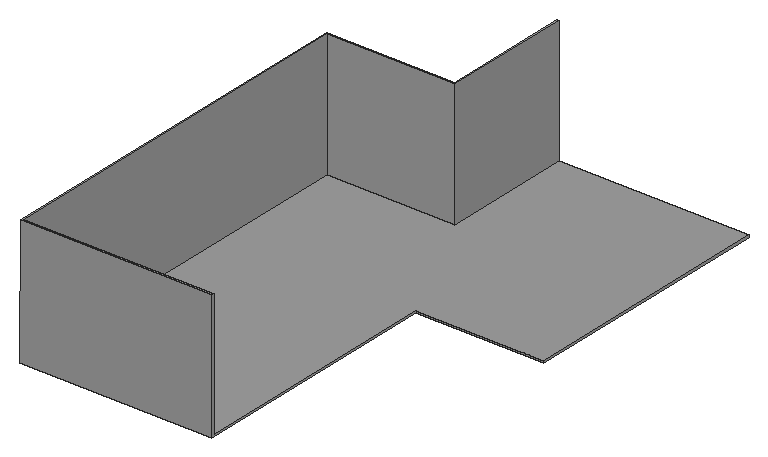
Revit family "Flashing_Preformed_Hyload_6x12Window", category Generic Models, Revit 2015
Parameters (values of type "As Specified")
  Unit Width = 1' - 0"
  Unit Height = 0' - 4"
  Unit Depth = 0' - 6"
  URL = "http://www.hyload.com/"
  Thickness = 0' - 0 1/16"
  Specification = "http://www.arcat.com/sdspecs/htm04/07_65_00hyl.htm"
  Sales Information = "http://www.hyload.com/contact-us"
  Revision = "R1_12-2015"
  Product Properties = "http://www.hyload.com/masonry-flashing/preformed-shapes/"
  Product Data = "http://www.arcat.com/arcatcos/cos33/arc33176.html"
  Model = "6x12 Window"
  Manufacturer Website = "http://www.hyload.com/"
  Manufacturer Phone - Toll Free = "800-457-4056"
  Manufacturer Phone = "330-769-3546"
  Manufacturer Fax = "330-769-4153"
  Manufacturer Address = "5020 Panther Pkwy., Seville, OH 44273"
  Manufacturer = "Hyload"
  Keynote = "07 65 00"
  Flashing Material = Hyload Flashing Membrane - Grey
  Drawn By = "Robert S. Weygant / Sumex Design"
  Description = "Preformed Hyload Masonry Flashing - 6x12 Window"
  Copyright = "(c) ARCAT, Inc, 2015"
  Construction Details = "http://www.arcat.com/details/hyload/hyload.html?coid=33176"
  Assembly Code = "B3010400"
Reference planes (in)
  plane 1 "Center (Front/Back)": y = 0
  plane 2: z = 0
  plane 3 "Center (Left/Right)": x = 0
  plane 4: y = 12
  plane 5: x = 6
  plane 6: z = 4
  plane 7: x = 10
  plane 8: y = 16
  plane 9: x = 4
Forms (in)
  Extrusion 1, solid, material "Hyload Flashing Membrane - Grey" <- "Flashing Material"
    sketch origin (0, 0, 0) x (1, 0, 0) y (0, 1, 0)
      loop
        line (0, 12) -> (0, 0) -> (6, 0) -> (6, 8) -> (10, 8) -> (10, 16) -> (4, 16) -> (4, 12) -> (0, 12)
    from 0 to 0.0625 <- "Thickness"
  Extrusion 2, solid, material "Hyload Flashing Membrane - Grey" <- "Flashing Material"
    sketch origin (0, 0, 0) x (1, 0, 0) y (0, 1, 0)
      loop
        line (0, 12) -> (0, 0) -> (6, 0) -> (6, 0.0625) -> (0.0625, 0.0625) -> (0.0625, 11.9375) -> (4.0625, 11.9375) -> (4.0625, 16) -> (4, 16) -> (4, 12) -> (0, 12)
    from 0 to 4 <- "Unit Height"
Cuts and joins
  joined: Extrusion 1, Extrusion 2
Dimensions and locks (in)
  "Unit Width": plane 1 "Center (Front/Back)" to plane 4
  "Unit Depth": plane 3 "Center (Left/Right)" to plane 5
  "Unit Height": plane 6 to level
  "Thickness": plane 1 "Center (Front/Back)" to Extrusion 2 sketch curve
  "Thickness": plane 3 "Center (Left/Right)" to Extrusion 2 sketch curve
  plane 3 "Center (Left/Right)" to Extrusion 2 = 0' - 6"
  "Thickness": plane 4 to Extrusion 2 sketch curve
  locked: plane 5 to plane 7 at 4
  plane 8 to plane 4 = 0' - 4"
  equal spacing: plane 8, Extrusion 1 sketch curve, plane 1 "Center (Front/Back)"
  plane 3 "Center (Left/Right)" to Extrusion 1 sketch curve = 0' - 4"
  "Thickness": Extrusion 2 sketch curve to Extrusion 2 sketch curve
  aligned and locked: plane 2 to level
  aligned and locked: Extrusion 1 sketch curve to plane 4
  aligned and locked: plane 3 "Center (Left/Right)" to Extrusion 1 sketch curve
  aligned and locked: Extrusion 1 sketch curve to plane 1 "Center (Front/Back)"
  aligned and locked: Extrusion 1 sketch curve to plane 5
  aligned and locked: plane 4 to Extrusion 2 sketch curve
  aligned and locked: Extrusion 2 sketch curve to plane 3 "Center (Left/Right)"
  aligned and locked: plane 1 "Center (Front/Back)" to Extrusion 2 sketch curve
  aligned and locked: plane 5 to Extrusion 2 sketch curve
  aligned and locked: Extrusion 2 to level
  aligned and locked: Extrusion 1 sketch curve to plane 8
  aligned and locked: Extrusion 1 sketch curve to plane 7
  aligned and locked: Extrusion 2 sketch curve to plane 8
  aligned and locked: Extrusion 2 sketch curve to cut or joined group of Extrusion 1, Extrusion 2
